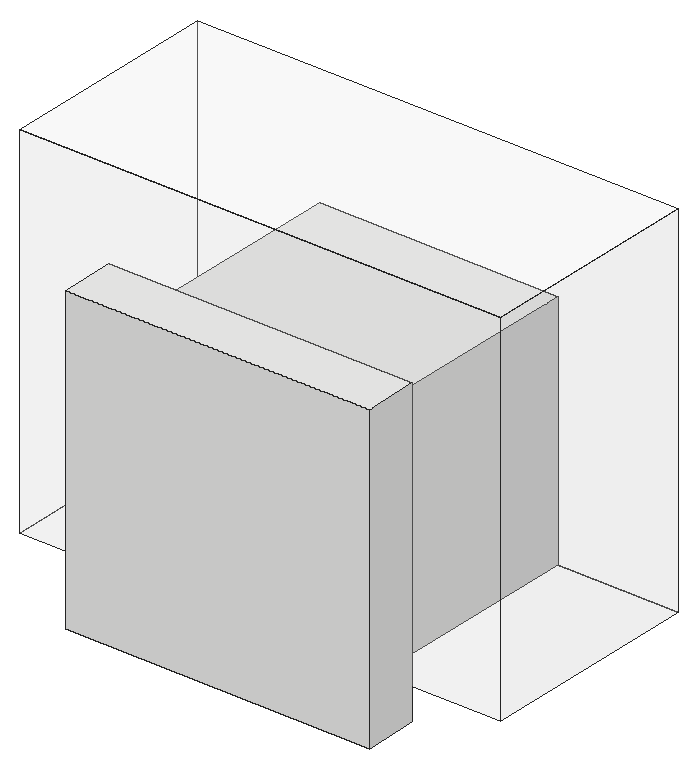
Revit family "vl-12(e)(r)k(h)(x)3-d_60Hz", category 機械設備, Revit 2019
Family settings
  丸型コネクタ寸法 = 直径を使用
  パーツ タイプ = 標準
  OmniClass 番号 = 23.75.35.17.27
  OmniClass タイトル = Centrifugal Fans
  作業面ベース = いいえ
  常に垂直 = はい
  ロード時にボイドで切り取り = いいえ
  共有 = いいえ
  部屋計算ポイント = いいえ
Parameters (values of type "VL-12RKX3-D")
  騒音レベル(dB(A)) [instance] = 38
  風量 [instance] = 100.0 m³/h
  電源種別 [instance] = ""
  電圧 = 100 V
  電動機出力 = 0 W
  電動機_種別 [instance] = ""
  運転質量 = 0.00 kg
  連動 [instance] = ""
  質量 = if(製品質量 > 運転質量, 製品質量, 運転質量) * 1.2  # 6.00 kg
  負荷分類 = 3_ファン類
  説明 = "換気空清機ロスナイ 寒冷地仕様 壁埋込30cm角穴取付"
  設計風量 [instance] = 0.0 m³/h
  設置方法 = "壁付"
  記号 [instance] = ""
  製造元 = "三菱電機株式会社"
  製品質量 = 5.00 kg
  製品出荷対象 = "国内"
  製品リリース年月 = "2019年5月16日"
  製品グループ = ""
  系統 [instance] = ""
  符号 [instance] = ""
  積算_科目 = "2 換気設備"
  積算_拾い区分 [instance] = ""
  相 = 1
  盤記号 [instance] = ""
  発停方法 [instance] = ""
  特殊仕様 [instance] = ""
  温度交換効率 = 55.00%
  メンテナンススペース = yes
  火災停止 [instance] = ""
  消費電力 = 34 W
  法定耐用年数 = "15"
  機外静圧 [instance] = 0.0 Pa
  極数 = 2
  材質 [instance] = ""
  操作・制御方式 = ""
  操作・制御スイッチ = ""
  排気量 [instance] = 0.0 m³/h
  形式 = ""
  幹線記号 [instance] = ""
  対象室 [instance] = ""
  実風量 [instance] = 0.0 m³/h
  始動方式 [instance] = "直入"
  外気量 [instance] = 0.0 m³/h
  呼称 = ""
  周波数 = 60 Hz
  参照している仕様書等のバージョン = ""
  分類コード = "50052504100030"
  分類グループ = ""
  価格 = 76200
  企業コード = "108420"
  付属品_防振装置 = ""
  付属品 [instance] = ""
  仕様書バージョン = "Version1.0"
  モデル = "VL-12RKX3-D"
  マテリアル = 合成樹脂(白)
  ファンの種類 = ""
  ダクト径 = 75 mm
  コメント [instance] = ""
  Keynote = ""
  Width = 295 mm
  W2 = if(Width / 2 < Depth, Width / 2, Depth)  # 147.5 mm
  W1 = 376 mm
  Version = ""
  Uniclass2015Version = "Systems v1.9"
  Uniclass2015Title = "Twin centrifugal fans"
  Uniclass2015Code = "Pr_65_67_29_89"
  URL = "https://www.mitsubishielectric.co.jp/ldg/wink/ssl/displayProduct.do?pid=300995"
  SpecificationReference = ""
  SpecificationDescription = ""
  SAサイズ_D = 75 mm
  Revision = ""
  ProductInformation = ""
  OmniClassCode = "23-33 31 19 13 13"
  MIN風量 = 60.0 m³/h
  MIN静圧 = 0.0 Pa
  MID風量 = 0.0 m³/h
  MID静圧 = 0.0 Pa
  MAX風量 = 100.0 m³/h
  MAX静圧 = 0.0 Pa
  IfcTypeProduct = ""
  IfcProduct = ""
  IfcExportType = "CENTRIFUGALBACKWARDINCLINEDCURVED"
  IfcExportAs = "IfcFanType"
  Height = 298 mm
  H1 = 376 mm
  EAサイズ_D = 75 mm
  Duct_Pitch = 350 mm
  Duct_H = 28 mm
  Depth = 276 mm
  D1 = 66 mm
  Clearance Top = 150 mm
  Clearance Right = 150 mm
  Clearance Left = 150 mm
  Clearance Front = 0 mm
  Clearance Bottom = 0 mm
  Clearance Back = 0 mm
  Author = "三菱電機株式会社"
Types (6, lengths in mm): name | 騒音レベル(dB(A)) | 風量 | 質量 | 製品質量 | 温度交換効率 | 消費電力 | 価格 | モデル | W1 | URL | MIN風量 | MAX風量 | H1 | D1
  VL-12EKH3-D | 28.5 | 57.0 m³/h | 5.40 kg | 4.50 kg | 65.00% | 18 W | 59400 | "VL-12EKH3-D" | 354 | "https://www.mitsubishielectric.co.jp/ldg/wink/ssl/displayProduct.do?pid=300984" | 0.0 m³/h | 57.0 m³/h | 346 | 25
  VL-12RKH3-D | 28.5 | 57.0 m³/h | 5.40 kg | 4.50 kg | 65.00% | 18 W | 66800 | "VL-12RKH3-D" | 354 | "https://www.mitsubishielectric.co.jp/ldg/wink/ssl/displayProduct.do?pid=300994" | 0.0 m³/h | 57.0 m³/h | 346 | 25
  VL-12K3-D | 39 | 100.0 m³/h | 5.40 kg | 4.50 kg | 55.00% | 34 W | 55600 | "VL-12K3-D" | 354 | "https://www.mitsubishielectric.co.jp/ldg/wink/ssl/displayProduct.do?pid=300991" | 60.0 m³/h | 100.0 m³/h | 346 | 25
  VL-12EK3-D | 39 | 100.0 m³/h | 5.40 kg | 4.50 kg | 55.00% | 34 W | 55600 | "VL-12EK3-D" | 354 | "https://www.mitsubishielectric.co.jp/ldg/wink/ssl/displayProduct.do?pid=300981" | 60.0 m³/h | 100.0 m³/h | 346 | 25
  VL-12EKX3-D | 38 | 100.0 m³/h | 6.00 kg | 5.00 kg | 55.00% | 34 W | 67400 | "VL-12EKX3-D" | 376 | "https://www.mitsubishielectric.co.jp/ldg/wink/ssl/displayProduct.do?pid=300986" | 60.0 m³/h | 100.0 m³/h | 376 | 66
  VL-12RKX3-D | 38 | 100.0 m³/h | 6.00 kg | 5.00 kg | 55.00% | 34 W | 76200 | "VL-12RKX3-D" | 376 | "https://www.mitsubishielectric.co.jp/ldg/wink/ssl/displayProduct.do?pid=300995" | 60.0 m³/h | 100.0 m³/h | 376 | 66
Reference planes
  plane 1 "中心(正面/背面)": y = 0
  plane 2: z = 0
  plane 3 "中心(左/右)": x = 0
  plane 4: x = 297.5
  plane 5: y = 276
  plane 6: y = 0
  plane 7: x = -147.5
  plane 8: x = 147.5
  plane 9: y = -66
  plane 10: z = 299
  plane 11: z = -149
  plane 12: x = -297.5
  plane 13: z = -149
  plane 14: y = 138
  plane 15: z = 149
  plane 16: z = -28
  plane 17: x = -73.75
  plane 18: x = 73.75
  plane 19: x = 175
  plane 20: x = -175
  plane 21: y = 276
  plane 22: x = -188
  plane 23: x = 188
  plane 24: z = 188
  plane 25: z = -188
Forms (mm)
  Extrusion 1, solid, material "合成樹脂(白)" <- "マテリアル", detail levels fine
    sketch origin (0, 0, 0) x (1, 0, 0) y (0, 1, 0)
      loop
        line (-147.5, 276) -> (-147.5, 0) -> (147.5, 0) -> (147.5, 276) -> (-147.5, 276)
    from -149 to 149
  Extrusion 2, solid, material "合成樹脂(白)" <- "マテリアル"
    sketch origin (0, 0, 0) x (1, 0, 0) y (0, 1, 0)
      loop
        line (-188, -66) -> (188, -66) -> (188, 0) -> (-188, 0) -> (-188, -66)
    from -188 to 188
Lines and regions (mm)
  Masking region 1, detail levels coarse+medium
    outline origin (2279.921, -68.194, 0) x (1, 0, 0) y (0, 1, 0)
      loop
        line (-2427.421, 344.194) -> (-2427.421, 68.194) -> (-2132.421, 68.194) -> (-2132.421, 344.194) -> (-2427.421, 344.194)
  symbolic lines, detail levels coarse+medium
    curve 1: circle (73.75, 138, 0) r 73.75 normal (0, 0, 1)
    curve 2: circle (-73.75, 138, 0) r 73.75 normal (0, 0, 1)
Dimensions and locks
  equal spacing: plane 7, plane 3 "中心(左/右)", plane 8
  "Width": plane 7 to plane 8
  "Clearance Left": plane 12 to plane 7
  "Clearance Right": plane 8 to plane 4
  "Clearance Bottom": plane 11 to plane 13
  "Height": plane 15 to plane 11
  "Clearance Top": plane 10 to plane 15
  equal spacing: plane 15, level, plane 11
  "Duct_H": level to plane 16
  equal spacing: plane 7, plane 17, plane 3 "中心(左/右)"
  equal spacing: plane 3 "中心(左/右)", plane 18, plane 8
  equal spacing: plane 20, plane 3 "中心(左/右)", plane 19
  "Duct_Pitch": plane 20 to plane 19
  "Clearance Back": plane 5 to plane 21
  equal spacing: plane 1 "中心(正面/背面)", plane 14, plane 21
  "Depth": plane 1 "中心(正面/背面)" to plane 21
  "Clearance Front": plane 6 to plane 1 "中心(正面/背面)"
  "D1": plane 1 "中心(正面/背面)" to plane 9
  equal spacing: plane 22, plane 3 "中心(左/右)", plane 23
  "W1": plane 22 to plane 23
  equal spacing: plane 24, level, plane 25
  "H1": plane 24 to plane 25
  "W2": diameter of curve 2
  "W2": diameter of curve 1
  aligned and locked: level to plane 2
  aligned and locked: plane 8 to Extrusion 1
  aligned and locked: Extrusion 1 to plane 7
  aligned and locked: Extrusion 1 to plane 11
  aligned and locked: plane 15 to Extrusion 1
  aligned and locked: nested 1 to plane 6
  aligned and locked: nested 1 to plane 5
  aligned and locked: plane 12 to nested 1
  aligned and locked: plane 4 to nested 1
  aligned and locked: plane 13 to nested 1
  aligned and locked: plane 10 to nested 1
  aligned and locked: Masking region 1 to plane 7
  aligned and locked: plane 8 to Masking region 1
  aligned and locked: plane 21 to Masking region 1
  aligned and locked: plane 21 to Extrusion 1
  aligned and locked: plane 1 "中心(正面/背面)" to Extrusion 1
  aligned and locked: plane 1 "中心(正面/背面)" to Masking region 1
  aligned and locked: Extrusion 2 sketch curve to plane 9
  aligned and locked: Extrusion 2 sketch curve to plane 22
  aligned and locked: Extrusion 2 sketch curve to plane 1 "中心(正面/背面)"
  aligned and locked: plane 23 to Extrusion 2 sketch curve
  aligned and locked: Extrusion 2 to plane 25
  aligned and locked: plane 24 to Extrusion 2
Automatic sketch dimensions
  Extrusion 1 sketch curve to plane 3 "中心(左/右)" = 147.5 mm
  plane 3 "中心(左/右)" to Extrusion 1 sketch curve = 147.5 mm
  plane 1 "中心(正面/背面)" to Extrusion 1 sketch curve = 0 mm
  Extrusion 1 sketch curve to plane 1 "中心(正面/背面)" = 276 mm
  Masking region 1 sketch curve to plane 4 = 445 mm
  Masking region 1 sketch curve to Masking region 1 sketch curve = 295 mm
  plane 6 to Masking region 1 sketch curve = 0 mm
  plane 14 to Masking region 1 sketch curve = 138 mm
  curve 2 to plane 14 = 0 mm
  curve 2 to plane 17 = 0 mm
  curve 1 to plane 14 = 0 mm
  curve 1 to plane 18 = 0 mm
Nested families
  nested 1: "メンテナンススペース" at (0, 138, 75), visible <- "メンテナンススペース", type "メンテナンススペース"
    with Width 595 mm, Height 448 mm, Depth 276 mm
Connectors
  electrical at (-188, -33, 0), driven by "極数", driven by "負荷分類", driven by "電圧", driven by "消費電力"
    settings: on Extrusion 2, index 1, voltage 100 V, apparent load 34 VA, apparent load phase1 0 VA, apparent load phase2 0 VA, apparent load phase3 0 VA, power factor 1, load classification "3_ファン類", number of poles 2, system type 30, power factor state 1, is connector primary yes, connector utility no, sub classification motor no, connector description ""
Definition of nested family "メンテナンススペース"
  Parameters (values of type "メンテナンススペース")
    Width [instance] = 500 mm
    Height [instance] = 500 mm
    Depth [instance] = 500 mm
  Reference planes
    plane 1 "中心(正面/背面)": y = 0
    plane 2: z = 0
    plane 3 "中心(左/右)": x = 0
    plane 4: y = -250
    plane 5: x = 250
    plane 6: y = 250
    plane 7: x = -250
    plane 8: z = 250
    plane 9: z = -250
  Forms (mm)
    Extrusion 1, solid
      sketch origin (-638.939, 0, 72.39) x (1, 0, 0) y (0, 1, 0)
        loop
          line (388.939, 250) -> (388.939, -250) -> (888.939, -250) -> (888.939, 250) -> (388.939, 250)
      from -322.39 to 177.61
  Lines and regions (mm)
    symbolic lines
      curve 1: line (-250, 0, 250) -> (250, 0, 250)
      curve 2: line (-250, 0, -250) -> (-250, 0, 250)
      curve 3: line (250, 0, -250) -> (-250, 0, -250)
      curve 4: line (250, 0, 250) -> (250, 0, -250)
      curve 5: line (0, -250, 250) -> (0, 250, 250)
      curve 6: line (0, -250, -250) -> (0, -250, 250)
      curve 7: line (0, 250, -250) -> (0, -250, -250)
      curve 8: line (0, 250, 250) -> (0, 250, -250)
      curve 9: line (-250, 250, 0) -> (250, 250, 0)
      curve 10: line (-250, -250, 0) -> (-250, 250, 0)
      curve 11: line (250, -250, 0) -> (-250, -250, 0)
      curve 12: line (250, 250, 0) -> (250, -250, 0)
  Dimensions and locks
    equal spacing: plane 7, plane 3 "中心(左/右)", plane 5
    equal spacing: plane 4, plane 1 "中心(正面/背面)", plane 6
    "Depth": plane 4 to plane 6
    "Width": plane 7 to plane 5
    equal spacing: plane 8, plane 2, plane 9
    "Height": plane 8 to plane 9
    aligned and locked: plane 9 to curve 3
    aligned and locked: plane 7 to curve 2
    aligned and locked: curve 4 to plane 5
    aligned and locked: plane 5 to Extrusion 1
    aligned and locked: Extrusion 1 to plane 7
    aligned and locked: Extrusion 1 to plane 9
    aligned and locked: plane 8 to Extrusion 1
    aligned and locked: plane 9 to curve 7
  Automatic sketch dimensions
    plane 4 to Extrusion 1 sketch curve = 0 mm
    Extrusion 1 sketch curve to plane 7 = 0 mm
    Extrusion 1 sketch curve to plane 5 = 0 mm
    plane 6 to Extrusion 1 sketch curve = 0 mm
    curve 2 to plane 8 = 0 mm
    plane 4 to curve 11 = 0 mm
    curve 11 to plane 7 = 0 mm
    curve 11 to plane 5 = 0 mm
    plane 6 to curve 10 = 0 mm
    curve 7 to plane 4 = 0 mm
    curve 7 to plane 6 = 0 mm
    curve 6 to plane 8 = 0 mm
